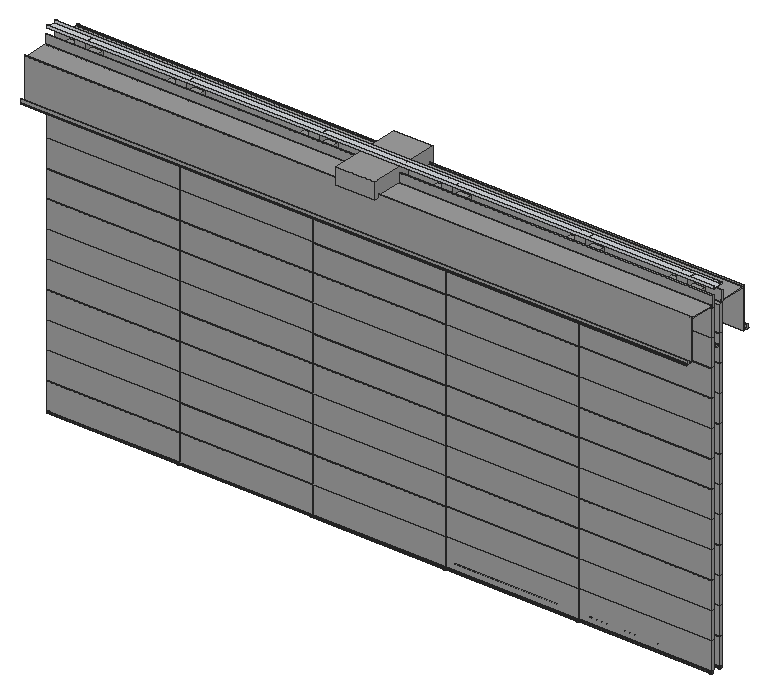
Revit family "Partition-12_Panels_High-Skyfold_Classic_Compact-22-1_to_24-2_FC_6730_to_7365", category Generic Models, host Ceiling, Revit 2026
Family settings
  Host = Ceiling
  Can host rebar = No
  Round Connector Dimension = Use Diameter
  Part Type = Normal
  Always vertical = Yes
  Cut with Voids When Loaded = No
  Maintain Annotation Orientation = No
  Shared = No
  Room Calculation Point = No
Parameters (values of type "24'- 0"")
  Visibility Of Unfold Single Panel [instance] = and(not(Fold), Number Of  Panels < 2)  # no
  Visibility Of Fold Single Panel [instance] = and(Fold, Number Of  Panels < 2)  # no
  Visibility Of Fold Panels [instance] = and(Fold, Number Of  Panels > 1)  # no
  URL = "http://www.skyfold.com/"
  Total Panel Height = ([Panel Height"F"] * 12) + 0' 6"  # 26' - 10 1/2"
  Pocket Material [instance] = Default
  Panel Array [instance] = if(Number Of  Panels < 3, 2, Number Of  Panels)  # 5
  Panel 9 Material [instance] = Default
  Panel 8 Material [instance] = Default
  Panel 7 Material [instance] = Default
  Panel 6 Material [instance] = Default
  Panel 5 Material [instance] = Default
  Panel 4 Material [instance] = Default
  Panel 3 Material [instance] = Default
  Panel 2 Material [instance] = Default
  Panel 12 Material [instance] = Default
  Panel 11 Material [instance] = Default
  Panel 10 Material [instance] = Default
  Model = "Compact Drive System"
  Manufacturer = "Skyfold"
  Description = "Custom Powerlift Partitions"
  Default Elevation = 0' - 0"
  Center Pantograph Visibility [instance] = Number Of  Panels > 2  # yes
  Visibility Of Single Pantograph [instance] = and(Number Of  Panels = 2, Total Wall Length > 16' 0")  # no
  Total Wall Length [instance] = 55' - 0"
  Wall Thickness = 0' - 11 3/4"  # constant formula
  Unfold [instance] = and(not(Fold), Number Of  Panels > 1)  # yes
  Pocket Width"E" = 5' - 3 1/2"
  Pocket Depth"D" = 3' - 1 1/2"
  Panel Length [instance] = (Total Wall Length - 0' 2" - (Number Of  Panels - 1) * 0' 0 1/2") / Number Of  Panels  # 10' - 11.2"
  Panel Height"F" = 2' - 2 3/8"
  Offset From Ceiling [instance] = 0' - 0"
  Center Pantographs [instance] = if(Number Of  Panels < 3, 2, Number Of  Panels - 1)  # 4
  Number Of  Panels [instance] = (Total Wall Length / Max Panel Length) + 0.499  # 5
  Motor Positionning [instance] = if(or(Number Of  Panels = 1, Total Wall Length < 16' 0", Number Of  Panels = 3, Number Of  Panels = 5, Number Of  Panels = 7, Number Of  Panels = 9, Number Of  Panels = 11), (Total Wall Length / 2), (Total Wall Length / 2) - (Panel Length / 2))  # 27' - 6"
  Max Wall Length [instance] = 100' - 0"  # constant formula
  Max Panel Length [instance] = 12' - 0"  # constant formula
  Height Between Panels [instance] = [Panel Height"F"] + 0' 0 1/2"  # 2' - 2 7/8"
  Fold [instance] = no
  Distance From Acoustic Barrier = 0' - 2"  # constant formula
  Distance Between Panels [instance] = Panel Length + 0' 0 1/2"  # 10' - 11.7"
  Finished Ceiling"A" = 24' - 0"
  Panel 1 Material [instance] = Default
  Top Of Acoustic Barrier [instance] = 28' - 0"
  Assembly Code = ""
  Beam Height"B" = 28' - 5"
  Acoustic Barrier"C" = 27' - 1 1/2"
Reference planes (in)
  plane 1 "Center (Front/Back)": y = 0
  plane 2 "Ceiling": z = 96
  plane 3 "Center (Left/Right)": x = 0
  plane 4: y = -31.75
  plane 5: y = 31.75
  plane 6: y = -5.875
  plane 7: y = 5.875
  plane 8: x = 660
  plane 9: x = 1
  plane 10: x = 132.7
  plane 11: z = 95.96875
  plane 12: z = 133.46875
  plane 13: z = -192.03125
  plane 14 "Beam height": z = 148.96875
  plane 15: x = 330
  plane 16 "BOAB": z = 131.46875
  plane 17: z = 95.96875
Lines and regions (in)
  Opening 1
    outline origin (0, 3.93322, 96) x (1, 0, 0) y (0, 1, 0)
      loop
        line (0, 33.06678) -> (0, -40.93322) -> (660, -40.93322) -> (660, 33.06678) -> (0, 33.06678)
Dimensions and locks (in)
  equal spacing: host sketch curve, plane 3 "Center (Left/Right)", host sketch curve
  equal spacing: host sketch curve, plane 1 "Center (Front/Back)", host sketch curve
  host sketch curve to host sketch curve = 10' - 0"  (x2)
  plane 2 "Ceiling" to level = 7' - 0"
  equal spacing: plane 4, plane 1 "Center (Front/Back)", plane 5
  "Pocket Width"E"": plane 4 to plane 5
  equal spacing: plane 6, plane 1 "Center (Front/Back)", plane 7
  "Wall Thickness": plane 6 to plane 7
  "Total Wall Length": plane 8 to plane 3 "Center (Left/Right)"
  locked: plane 9 to plane 3 "Center (Left/Right)" at 1
  "Distance Between Panels": plane 10 to plane 9
  locked: plane 2 "Ceiling" to plane 11 at 0.03125
  equal spacing: group 1, group 2, group 7, group 8, group 9  (x3)
  equal spacing: group 3, group 4, group 10, group 11, group 12  (x3)
  "Finished Ceiling"A"": plane 11 to plane 13
  "Beam Height"B"": plane 14 "Beam height" to plane 13
  locked: nested 8 to plane 3 "Center (Left/Right)" at 32
  locked: plane 8 to nested 9 at 32
  locked: nested 5 to nested 10 at 0.25
  equal spacing: group 5, group 6, group 13, group 14  (x3)
  "Distance Between Panels": nested 11 to nested 10
  locked: plane 10 to nested 12 at 0.25
  "Motor Positionning": plane 15 to plane 3 "Center (Left/Right)"
  locked: plane 12 to plane 16 "BOAB" at 2
  "Offset From Ceiling": plane 11 to plane 17
  "Pocket Depth"D"": plane 12 to plane 17
  aligned and locked: nested 1 to Opening 1 sketch curve
  aligned and locked: Opening 1 sketch curve to plane 8
  aligned and locked: plane 2 "Ceiling" to host ceiling
  aligned and locked: nested 2 to plane 1 "Center (Front/Back)"
  aligned and locked: nested 2 to plane 9
  aligned and locked: Opening 1 sketch curve to nested 1  (x2)
  aligned and locked: nested 1 to plane 3 "Center (Left/Right)"
  aligned and locked: nested 4 to plane 10
  aligned and locked: plane 10 to nested 5
  aligned and locked: plane 8 to nested 6
  aligned and locked: plane 3 "Center (Left/Right)" to nested 6
  aligned and locked: nested 13 to plane 1 "Center (Front/Back)"
  aligned and locked: plane 14 "Beam height" to nested 6
  aligned and locked: nested 6 to nested 1
  aligned and locked: plane 14 "Beam height" to nested 8
  aligned and locked: plane 14 "Beam height" to nested 12
  aligned and locked: plane 14 "Beam height" to nested 10
  aligned and locked: nested 11 to plane 14 "Beam height"
  aligned and locked: nested 9 to plane 14 "Beam height"
  aligned and locked: nested 14 to plane 1 "Center (Front/Back)"
  aligned and locked: nested 15 to nested 14
  aligned and locked: plane 9 to nested 15
  aligned and locked: nested 16 to nested 14
  aligned and locked: nested 16 to plane 9
  aligned and locked: plane 14 "Beam height" to nested 7
  aligned and locked: plane 15 to nested 7
  aligned and locked: nested 13 to plane 17
  aligned and locked: nested 15 to plane 17
  aligned and locked: nested 3 to plane 17
  aligned and locked: nested 5 to plane 17
  aligned and locked: plane 17 to nested 1
  aligned and locked: nested 16 to plane 16 "BOAB"
  aligned and locked: nested 2 to plane 16 "BOAB"
  aligned and locked: nested 4 to plane 16 "BOAB"
  aligned and locked: nested 14 to plane 16 "BOAB"
Nested families (in)
  nested 1: "Pocket" at (0, -10.75, 97.27344), Acoustic_Barrier"C" <- "Acoustic Barrier"C"", Total_Wall_Length <- "Total Wall Length", T.O. Acoustic_Barrier <- "Top Of Acoustic Barrier", Beam_Height <- "Beam Height"B"", Pocket Material <- "Pocket Material", type "Pocket"
    with Total_Wall_Length 55' - 0", T.O. Acoustic_Barrier 28' - 0", Pocket Material Default, Motor_Length 2' - 10", Motor_Height 0' - 11 1/2", Beam_Height 28' - 5", Acoustic_Barrier"C" 27' - 1 1/2", Pocket_Width"E" 5' - 3 1/2", Pocket_Depth"D" 3' - 1 1/2", Finished_Ceiling"A" 24' - 0"
  nested 2: "Groupe_5 panneaux" at (1, 0, -101.86836), panel_length <- "Panel Length", Panel_Material <- "Panel 1 Material", visible <- "Unfold", Total_Panel-Height <- "Total Panel Height", Panel 10 material <- "Panel 10 Material", Panel 11 material <- "Panel 11 Material", Panel 12 material <- "Panel 12 Material", Panel 2 material <- "Panel 2 Material", Panel 3 material <- "Panel 3 Material", Panel 4 material <- "Panel 4 Material", Panel 5 material <- "Panel 5 Material", Panel 6 material <- "Panel 6 Material", Panel 7 material <- "Panel 7 Material", Panel 8 material <- "Panel 8 Material", Panel 9 material <- "Panel 9 Material", type "Groupe_5 panneaux"
    with panel_length 10' - 11.2", Total_Panel-Height 26' - 10 1/2", Panel_Material Default, Panel 9 material Default, Panel 8 material Default, Panel 7 material Default, Panel 6 material Default, Panel 5 material Default, Panel 4 material Default, Panel 3 material Default, Panel 2 material Default, Panel 12 material Default, Panel 11 material Default, Panel 10 material Default
  nested 3: "Panneau_hor" at (1, 12.57079, 83.96875), panel_length <- "Panel Length", panel_height <- "Panel Height"F"", visible <- "Visibility Of Fold Panels", Panel_Material <- "Panel 12 Material", type "Panneau_hor"
    with panel_length 10' - 11.2", panel_height 2' - 2 3/8", Panel_Material Default
  nested 4: "Groupe_5 panneaux" at (132.7, 0, -101.86836), panel_length <- "Panel Length", Panel_Material <- "Panel 1 Material", visible <- "Unfold", Total_Panel-Height <- "Total Panel Height", Panel 10 material <- "Panel 10 Material", Panel 11 material <- "Panel 11 Material", Panel 12 material <- "Panel 12 Material", Panel 2 material <- "Panel 2 Material", Panel 3 material <- "Panel 3 Material", Panel 4 material <- "Panel 4 Material", Panel 5 material <- "Panel 5 Material", Panel 6 material <- "Panel 6 Material", Panel 7 material <- "Panel 7 Material", Panel 8 material <- "Panel 8 Material", Panel 9 material <- "Panel 9 Material", type "Groupe_5 panneaux"
    with panel_length 10' - 11.2", Total_Panel-Height 26' - 10 1/2", Panel_Material Default, Panel 9 material Default, Panel 8 material Default, Panel 7 material Default, Panel 6 material Default, Panel 5 material Default, Panel 4 material Default, Panel 3 material Default, Panel 2 material Default, Panel 12 material Default, Panel 11 material Default, Panel 10 material Default
  nested 5: "Panneau_hor" at (132.7, 12.57079, 83.96875), panel_length <- "Panel Length", panel_height <- "Panel Height"F"", visible <- "Visibility Of Fold Panels", Panel_Material <- "Panel 12 Material", type "Panneau_hor"
    with panel_length 10' - 11.2", panel_height 2' - 2 3/8", Panel_Material Default
  nested 6: "Beam" at (0, -10.75, 130.27344), type "Pocket"
    with Total_Wall_Length 55' - 0"
  nested 7: "Motor" at (311, -23, 132.96875), type "LCCD"
  nested 8: "Pantograph" at (54.25, -4, 136.6875) x (0, 1, 0) z (0, 0, 1), type "Pantograph"
  nested 9: "Pantograph" at (650.25, -4, 136.6875) x (0, 1, 0) z (0, 0, 1), type "Pantograph"
  nested 10: "Pantograph" at (154.7, -4, 136.6875) x (0, 1, 0) z (0, 0, 1), visible <- "Center Pantograph Visibility", type "Pantograph"
  nested 11: "Pantograph" at (286.4, -4, 136.6875) x (0, 1, 0) z (0, 0, 1), visible <- "Center Pantograph Visibility", type "Pantograph"
  nested 12: "Pantograph" at (154.7, -4, 136.6875) x (0, 1, 0) z (0, 0, 1), visible <- "Visibility Of Single Pantograph", type "Pantograph"
  nested 13: "2D Fold Panels" at (1, 2.48811, 95.96875) x (0, 1, 0) z (1, 0, 0), visible <- "Fold", Panel_Height <- "Panel Height"F"", type "Complete Panels"
    with Panel_Height 2' - 2 3/8"
  nested 14: "2D Unfold Panels" at (1, -0.41811, 40.57813) x (0, 1, 0) z (1, 0, 0), visible <- "Unfold", type "Unfold panels"
  nested 15: "Panneau_hor" at (1, 12.57079, 83.96875), panel_length <- "Panel Length", panel_height <- "Panel Height"F"", Panel_Material <- "Panel 1 Material", visible <- "Visibility Of Fold Single Panel", type "Panneau_hor"
    with panel_length 10' - 11.2", panel_height 2' - 2 3/8", Panel_Material Default
  nested 16: "Groupe_5 panneaux" at (1, 0, -101.86836), Panel_Material <- "Panel 1 Material", panel_length <- "Panel Length", visible <- "Visibility Of Unfold Single Panel", Total_Panel-Height <- "Total Panel Height", type "Groupe_5 panneaux"
    with panel_length 10' - 11.2", Total_Panel-Height 26' - 10 1/2", Panel_Material Default, Panel 9 material none, Panel 8 material none, Panel 7 material none, Panel 6 material none, Panel 5 material none, Panel 4 material none, Panel 3 material none, Panel 2 material none, Panel 12 material none, Panel 11 material none, Panel 10 material none
  nested 17: "Groupe_5 panneaux" at (264.4, 0, -101.86836), panel_length <- "Panel Length", Panel_Material <- "Panel 1 Material", visible <- "Unfold", Total_Panel-Height <- "Total Panel Height", Panel 10 material <- "Panel 10 Material", Panel 11 material <- "Panel 11 Material", Panel 12 material <- "Panel 12 Material", Panel 2 material <- "Panel 2 Material", Panel 3 material <- "Panel 3 Material", Panel 4 material <- "Panel 4 Material", Panel 5 material <- "Panel 5 Material", Panel 6 material <- "Panel 6 Material", Panel 7 material <- "Panel 7 Material", Panel 8 material <- "Panel 8 Material", Panel 9 material <- "Panel 9 Material", type "Groupe_5 panneaux"
    with panel_length 10' - 11.2", Total_Panel-Height 26' - 10 1/2", Panel_Material Default, Panel 9 material Default, Panel 8 material Default, Panel 7 material Default, Panel 6 material Default, Panel 5 material Default, Panel 4 material Default, Panel 3 material Default, Panel 2 material Default, Panel 12 material Default, Panel 11 material Default, Panel 10 material Default
  nested 18: "Groupe_5 panneaux" at (396.1, 0, -101.86836), panel_length <- "Panel Length", Panel_Material <- "Panel 1 Material", visible <- "Unfold", Total_Panel-Height <- "Total Panel Height", Panel 10 material <- "Panel 10 Material", Panel 11 material <- "Panel 11 Material", Panel 12 material <- "Panel 12 Material", Panel 2 material <- "Panel 2 Material", Panel 3 material <- "Panel 3 Material", Panel 4 material <- "Panel 4 Material", Panel 5 material <- "Panel 5 Material", Panel 6 material <- "Panel 6 Material", Panel 7 material <- "Panel 7 Material", Panel 8 material <- "Panel 8 Material", Panel 9 material <- "Panel 9 Material", type "Groupe_5 panneaux"
    with panel_length 10' - 11.2", Total_Panel-Height 26' - 10 1/2", Panel_Material Default, Panel 9 material Default, Panel 8 material Default, Panel 7 material Default, Panel 6 material Default, Panel 5 material Default, Panel 4 material Default, Panel 3 material Default, Panel 2 material Default, Panel 12 material Default, Panel 11 material Default, Panel 10 material Default
  nested 19: "Groupe_5 panneaux" at (527.8, 0, -101.86836), panel_length <- "Panel Length", Panel_Material <- "Panel 1 Material", visible <- "Unfold", Total_Panel-Height <- "Total Panel Height", Panel 10 material <- "Panel 10 Material", Panel 11 material <- "Panel 11 Material", Panel 12 material <- "Panel 12 Material", Panel 2 material <- "Panel 2 Material", Panel 3 material <- "Panel 3 Material", Panel 4 material <- "Panel 4 Material", Panel 5 material <- "Panel 5 Material", Panel 6 material <- "Panel 6 Material", Panel 7 material <- "Panel 7 Material", Panel 8 material <- "Panel 8 Material", Panel 9 material <- "Panel 9 Material", type "Groupe_5 panneaux"
    with panel_length 10' - 11.2", Total_Panel-Height 26' - 10 1/2", Panel_Material Default, Panel 9 material Default, Panel 8 material Default, Panel 7 material Default, Panel 6 material Default, Panel 5 material Default, Panel 4 material Default, Panel 3 material Default, Panel 2 material Default, Panel 12 material Default, Panel 11 material Default, Panel 10 material Default
  nested 20: "Panneau_hor" at (264.4, 12.57079, 83.96875), panel_length <- "Panel Length", panel_height <- "Panel Height"F"", visible <- "Visibility Of Fold Panels", Panel_Material <- "Panel 12 Material", type "Panneau_hor"
    with panel_length 10' - 11.2", panel_height 2' - 2 3/8", Panel_Material Default
  nested 21: "Panneau_hor" at (396.1, 12.57079, 83.96875), panel_length <- "Panel Length", panel_height <- "Panel Height"F"", visible <- "Visibility Of Fold Panels", Panel_Material <- "Panel 12 Material", type "Panneau_hor"
    with panel_length 10' - 11.2", panel_height 2' - 2 3/8", Panel_Material Default
  nested 22: "Panneau_hor" at (527.8, 12.57079, 83.96875), panel_length <- "Panel Length", panel_height <- "Panel Height"F"", visible <- "Visibility Of Fold Panels", Panel_Material <- "Panel 12 Material", type "Panneau_hor"
    with panel_length 10' - 11.2", panel_height 2' - 2 3/8", Panel_Material Default
  nested 23: "Pantograph" at (418.1, -4, 136.6875) x (0, 1, 0) z (0, 0, 1), visible <- "Center Pantograph Visibility", type "Pantograph"
  nested 24: "Pantograph" at (549.8, -4, 136.6875) x (0, 1, 0) z (0, 0, 1), visible <- "Center Pantograph Visibility", type "Pantograph"
Definition of nested family "Pocket"
  Parameters
    Total_Wall_Length [instance] = 35' - 0"
    T.O. Acoustic_Barrier [instance] = 28' - 0"
    Pocket_Width"E" = 4' - 9"
    Pocket_Depth"D" = 3' - 1"
    Pocket Material [instance] = none
    Motor_Length [instance] = 2' - 6 29/128"
    Motor_Height [instance] = 1' - 3"
    Finished_Ceiling"A" = 20' - 9"
    Default Elevation = 0' - 0"
    Assembly Code = ""
    Beam_Height [instance] = 10' - 0"
    Acoustic_Barrier"C" [instance] = 1' - 7 5/8"
  Reference planes (in)
    plane 1 "Center (Front/Back)": y = 10.75
    plane 2: z = 35.69531
    plane 3 "Center (Left/Right)": x = 0
    plane 4: z = -1.30469
    plane 5: y = -17.75
    plane 6: y = 39.25
    plane 7: y = -23
    plane 8: y = 44.5
    plane 9: z = 2.32031
    plane 10: y = 4.75
    plane 11: y = 16.75
    plane 12: x = 420
    plane 13: z = -100.30469
    plane 14: z = 71.18777
    plane 15: z = 85.69531
    plane 16: z = -250.30469
    plane 17: x = 12.89513
    plane 18: x = 203.52734
    plane 19: z = -130.30469
    plane 20: z = 36.69531
  Forms (in)
    Extrusion 1, solid, material <- "Pocket Material"
      sketch origin (0, 0, 0) x (0, 1, 0) y (0, 0, 1)
        loop
          line (-23, 2.32031) -> (-23, -1.30469) -> (-17.75, -1.30469) -> (-17.75, 38.69531) -> (-18.375, 38.69531) -> (-18.375, -0.67969) -> (-22.375, -0.67969) -> (-22.375, 2.32031) -> (-23, 2.32031)
        loop
          line (-17.53125, 36.69531) -> (4.53125, 36.69531) -> (4.53125, 37.32031) -> (-17.53125, 37.32031) -> (-17.53125, 36.69531)
      from 0 to 420
    Extrusion 2, solid, material <- "Pocket Material"
      sketch origin (0, 0, 0) x (0, 1, 0) y (0, 0, 1)
        loop
          line (9.75, -1.30469) -> (11.75, -1.30469) -> (11.75, -1.05469) -> (10.875, -1.05469) -> (10.875, 0.69531) -> (10.625, 0.69531) -> (10.625, -1.05469) -> (9.75, -1.05469) -> (9.75, -1.30469)
      from 0 to 420
    Extrusion 3, solid, material <- "Pocket Material"
      sketch origin (0, 0, 0) x (0, 1, 0) y (0, 0, 1)
        loop
          line (4.75, 35.69531) -> (5.75, 35.69531) -> (5.75, 85.69531) -> (4.75, 85.69531) -> (4.75, 35.69531)
      from 0 to 420
    Extrusion 4, solid, material <- "Pocket Material"
      sketch origin (0, 21.5, 0) x (0, -1, 0) y (0, 0, -1)
        loop
          line (4.75, -35.69531) -> (4.75, -85.69531) -> (5.75, -85.69531) -> (5.75, -35.69531) -> (4.75, -35.69531)
      from 0 to 420
    Extrusion 5, solid, material <- "Pocket Material"
      sketch origin (420, 0, 0.01562) x (0, 1, 0) y (0, 0, 1)
        loop
          line (-17.75, 37.38281) -> (-17.75, 36.58594) -> (-17, 36.58594) -> (-17, 36.67969) -> (-17.65625, 36.67969) -> (-17.65625, 37.38281) -> (-17.75, 37.38281)
      from -420 to 0
    Extrusion 6, solid, material <- "Pocket Material"
      sketch origin (420, -21.98359, 0.03125) x (0, -1, 0) y (0, 0, -1)
        loop
          line (-26.73359, -37.36719) -> (-26.63984, -37.36719) -> (-26.63984, -36.66406) -> (-25.98359, -36.66406) -> (-25.98359, -36.57031) -> (-26.73359, -36.57031) -> (-26.73359, -37.36719)
      from -420 to 0
    Extrusion 7, solid, material <- "Pocket Material"
      sketch origin (420, -57.55768, -19.35805) x (0, -1, 0) y (0, 0, -1)
        loop
          line (-34.55768, -18.75649) -> (-34.46393, -18.75649) -> (-34.46393, -18.05336) -> (-33.80768, -18.05336) -> (-33.80768, -17.95961) -> (-34.55768, -17.95961) -> (-34.55768, -18.75649)
      from -420 to 0
    Extrusion 8, solid, material <- "Pocket Material"
      sketch origin (0, 21.5, 0.125) x (0, -1, 0) y (0, 0, -1)
        loop
          line (-23, -2.32031) -> (-22.375, -2.32031) -> (-22.375, 0.67969) -> (-18.375, 0.67969) -> (-18.375, -38.57031) -> (-17.75, -38.57031) -> (-17.75, 1.30469) -> (-23, 1.30469) -> (-23, -2.32031)
        loop
          line (-17.53125, -36.57031) -> (-17.53125, -37.19531) -> (4.53125, -37.19531) -> (4.53125, -36.57031) -> (-17.53125, -36.57031)
      from 0 to 420
    Extrusion 9, solid, material <- "Pocket Material"
      sketch origin (420, 21.5, 0) x (0, -1, 0) y (0, 0, -1)
        loop
          line (-17.75, -37.39844) -> (-17.65625, -37.39844) -> (-17.65625, -36.69531) -> (-17, -36.69531) -> (-17, -36.60156) -> (-17.75, -36.60156) -> (-17.75, -37.39844)
      from -420 to 0
    Extrusion 10, solid, material <- "Pocket Material"
      sketch origin (420, 43.48359, 0) x (0, 1, 0) y (0, 0, 1)
        loop
          line (-26.73359, 37.39844) -> (-26.73359, 36.60156) -> (-25.98359, 36.60156) -> (-25.98359, 36.69531) -> (-26.63984, 36.69531) -> (-26.63984, 37.39844) -> (-26.73359, 37.39844)
      from -420 to 0
    Extrusion 11, solid, material <- "Pocket Material"
      sketch origin (420, 79.05768, -19.35805) x (0, 1, 0) y (0, 0, 1)
        loop
          line (-34.55768, 18.75649) -> (-34.55768, 17.95961) -> (-33.80768, 17.95961) -> (-33.80768, 18.05336) -> (-34.46393, 18.05336) -> (-34.46393, 18.75649) -> (-34.55768, 18.75649)
      from -420 to 0
  Lines and regions (in)
    symbolic lines
      curve 1: line (420, -22.375, -0.67969) -> (420, -18.375, -0.67969)
      curve 2: line (420, -22.375, 85.69531) -> (420, -22.375, -0.67969)
      curve 3: line (420, -18.375, 85.69531) -> (420, -22.375, 85.69531)
      curve 4: line (420, -18.375, -0.67969) -> (420, -18.375, 85.69531)
      curve 5: line (420, 43.875, -0.55469) -> (420, 39.875, -0.55469)
      curve 6: line (420, 43.875, 85.69531) -> (420, 43.875, -0.55469)
      curve 7: line (420, 39.875, 85.69531) -> (420, 43.875, 85.69531)
      curve 8: line (420, 39.875, -0.55469) -> (420, 39.875, 85.69531)
      curve 9: line (420, 4.75, 67.94531) -> (420, 1.75, 67.94531)
      curve 10: line (420, 4.75, 40.32031) -> (420, 4.75, 67.94531)
      curve 11: line (420, 1.75, 40.32031) -> (420, 4.75, 40.32031)
      curve 12: line (420, 1.75, 67.94531) -> (420, 1.75, 40.32031)
      curve 13: line (420, -18.375, 60.19531) -> (420, 1.75, 60.19531)
      curve 14: line (420, 1.75, 57.19531) -> (420, -18.375, 57.19531)
      curve 15: line (420, 16.75, 67.94531) -> (420, 19.75, 67.94531)
      curve 16: line (420, 16.75, 40.32031) -> (420, 16.75, 67.94531)
      curve 17: line (420, 19.75, 40.32031) -> (420, 16.75, 40.32031)
      curve 18: line (420, 19.75, 67.94531) -> (420, 19.75, 40.32031)
      curve 19: line (420, 39.875, 60.19531) -> (420, 19.75, 60.19531)
      curve 20: line (420, 19.75, 57.19531) -> (420, 39.875, 57.19531)
      curve 21: line (0, 5.25, 35.69531) -> (0, 5.25, 85.69531)
      curve 22: line (0, 16.25, 85.69531) -> (0, 16.25, 35.69531)
  Dimensions and locks (in)
    locked: plane 7 to plane 5 at 5.25
    locked: plane 9 to plane 4 at 3.625
    locked: plane 6 to plane 8 at 5.25
    plane 10 to plane 1 "Center (Front/Back)" = 0' - 6"
    plane 10 to plane 11 = 1' - 0"
    "Pocket_Width"E"": plane 5 to plane 6
    equal spacing: plane 5, plane 1 "Center (Front/Back)", plane 6
    "Finished_Ceiling"A"": plane 4 to level
    locked: plane 7 to Extrusion 1 sketch curve at 0.625
    locked: Extrusion 1 sketch curve to plane 4 at 0.625
    locked: Extrusion 1 sketch curve to Extrusion 1 sketch curve at 0.625  (x2)
    "Total_Wall_Length": plane 12 to plane 3 "Center (Left/Right)"
    equal spacing: Extrusion 2 sketch curve, plane 1 "Center (Front/Back)", Extrusion 2 sketch curve  (x2)
    locked: Extrusion 2 sketch curve to plane 4 at 2
    locked: Extrusion 2 sketch curve to plane 4 at 0.25
    locked: Extrusion 2 sketch curve to plane 1 "Center (Front/Back)" at 0.125
    locked: Extrusion 1 sketch curve to Extrusion 1 sketch curve at 0.21875
    locked: plane 10 to Extrusion 3 sketch curve at 1
    "Pocket_Depth"D"": plane 2 to plane 4
    locked: plane 13 to plane 16 at 150
    "T.O. Acoustic_Barrier": plane 15 to plane 16
    locked: plane 18 to plane 3 "Center (Left/Right)" at 203.52734
    "Beam_Height": plane 19 to plane 16
    plane 4 to plane 16 = 20' - 9"
    Extrusion 1 to Extrusion 1 to plane 5 = 0' - 0 5/8", 0' - 0"
    locked: Extrusion 1 sketch curve to Extrusion 1 sketch curve at 1.375
    locked: Extrusion 1 sketch curve to plane 10 at 0.21875
    locked: Extrusion 5 sketch curve to Extrusion 5 sketch curve at 0.09375  (x2)
    locked: Extrusion 5 sketch curve to Extrusion 5 sketch curve at 0.79688
    locked: Extrusion 5 sketch curve to Extrusion 5 sketch curve at 0.75
    locked: Extrusion 6 sketch curve to Extrusion 6 sketch curve at 0.09375  (x2)
    locked: Extrusion 6 sketch curve to Extrusion 6 sketch curve at 0.79688
    locked: Extrusion 6 sketch curve to Extrusion 6 sketch curve at 0.75
    locked: Extrusion 7 sketch curve to Extrusion 7 sketch curve at 0.09375  (x2)
    locked: Extrusion 7 sketch curve to Extrusion 7 sketch curve at 0.79688
    locked: Extrusion 7 sketch curve to Extrusion 7 sketch curve at 0.75
    locked: Extrusion 8 sketch curve to Extrusion 8 sketch curve at 0.625
    Extrusion 8 sketch curve to Extrusion 8 sketch curve = 0' - 0 5/8"
    locked: Extrusion 8 sketch curve to Extrusion 8 sketch curve at 0.21875
    Extrusion 8 sketch curve to Extrusion 8 sketch curve = 0' - 1 3/8"
    locked: Extrusion 9 sketch curve to Extrusion 9 sketch curve at 0.09375  (x2)
    locked: Extrusion 9 sketch curve to Extrusion 9 sketch curve at 0.79688
    locked: Extrusion 9 sketch curve to Extrusion 9 sketch curve at 0.75
    locked: Extrusion 10 sketch curve to Extrusion 10 sketch curve at 0.09375  (x2)
    locked: Extrusion 10 sketch curve to Extrusion 10 sketch curve at 0.79688
    locked: Extrusion 10 sketch curve to Extrusion 10 sketch curve at 0.75
    locked: Extrusion 11 sketch curve to Extrusion 11 sketch curve at 0.09375  (x2)
    locked: Extrusion 11 sketch curve to Extrusion 11 sketch curve at 0.79688
    locked: Extrusion 11 sketch curve to Extrusion 11 sketch curve at 0.75
    locked: curve 12 to plane 10 at 3
    curve 11 to Extrusion 1 = 0' - 3"
    locked: curve 11 to curve 9 at 27.625
    locked: curve 14 to curve 13 at 3
    locked: curve 11 to curve 14 at 16.875
    locked: curve 17 to curve 15 at 27.625
    locked: curve 20 to curve 19 at 3
    locked: curve 17 to curve 20 at 16.875
    locked: plane 20 to plane 2 at 1
    aligned and locked: plane 12 to Extrusion 1
    aligned and locked: Extrusion 2 sketch curve to Extrusion 2 sketch curve
    aligned and locked: Extrusion 2 to plane 3 "Center (Left/Right)"
    aligned and locked: plane 12 to Extrusion 2
    aligned and locked: Extrusion 3 sketch curve to plane 2
    aligned and locked: Extrusion 3 sketch curve to plane 10
    aligned and locked: plane 15 to Extrusion 4
    aligned and locked: plane 15 to Extrusion 3
    aligned and locked: plane 12 to Extrusion 3
    aligned and locked: plane 12 to Extrusion 4
    aligned and locked: plane 16 to level
    aligned and locked: curve 1 to Extrusion 1  (x2)
    aligned and locked: curve 4 to Extrusion 1
    aligned and locked: curve 7 to plane 15
    aligned and locked: Extrusion 5 to plane 5
    aligned: plane 2 to Extrusion 5
    aligned and locked: plane 10 to Extrusion 6
    aligned: plane 2 to Extrusion 6
    aligned and locked: plane 7 to Extrusion 7
    aligned and locked: plane 4 to Extrusion 7
    aligned and locked: plane 6 to Extrusion 9
    aligned and locked: plane 4 to Extrusion 11
    aligned and locked: Extrusion 11 to plane 8
    aligned and locked: plane 12 to Extrusion 5
    aligned and locked: plane 12 to Extrusion 6
    aligned and locked: Extrusion 10 to plane 3 "Center (Left/Right)"
    aligned and locked: Extrusion 6 to plane 3 "Center (Left/Right)"
    aligned and locked: Extrusion 5 to plane 3 "Center (Left/Right)"
    aligned and locked: plane 12 to Extrusion 10
    aligned and locked: plane 12 to Extrusion 9
    aligned and locked: Extrusion 9 to plane 3 "Center (Left/Right)"
    aligned and locked: plane 12 to Extrusion 7
    aligned and locked: plane 12 to Extrusion 11
    aligned and locked: Extrusion 7 to plane 3 "Center (Left/Right)"
    aligned and locked: Extrusion 11 to plane 3 "Center (Left/Right)"
    aligned and locked: Extrusion 8 to curve 8
    aligned and locked: curve 6 to Extrusion 8
    aligned and locked: curve 5 to Extrusion 8
    aligned and locked: plane 12 to Extrusion 8
    aligned and locked: Extrusion 1 to plane 3 "Center (Left/Right)"
    aligned and locked: Extrusion 8 to plane 3 "Center (Left/Right)"
    aligned and locked: Extrusion 3 to curve 9
    aligned and locked: curve 9 to curve 15
    aligned and locked: Extrusion 1 sketch curve to plane 20
    aligned and locked: Extrusion 5 to Extrusion 1
    aligned and locked: Extrusion 6 to Extrusion 1
    aligned and locked: Extrusion 8 to Extrusion 1  (x2)
    aligned and locked: Extrusion 1 to Extrusion 8
    aligned and locked: Extrusion 10 to Extrusion 8
    aligned and locked: Extrusion 9 to Extrusion 8
  Automatic sketch dimensions
    Extrusion 1 sketch curve to plane 4 = 0' - 0"
    Extrusion 1 sketch curve to plane 7 = 0' - 0"
    Extrusion 1 sketch curve to plane 5 = 0' - 0"
    Extrusion 1 sketch curve to plane 9 = 0' - 0"
    Extrusion 2 sketch curve to plane 4 = 0' - 0"
    Extrusion 2 sketch curve to Extrusion 2 sketch curve = 0' - 0 7/8"
    Extrusion 3 sketch curve to plane 15 = 0' - 0"
    Extrusion 4 sketch curve to plane 11 = 0' - 0"
    Extrusion 4 sketch curve to plane 15 = 0' - 0"
    Extrusion 4 sketch curve to plane 2 = 0' - 0"
    plane 11 to Extrusion 4 sketch curve = 0' - 1"
    curve 4 to Extrusion 3 = 0' - 0"
    curve 16 to curve 18 = 0' - 3"
    Extrusion 5 sketch curve to Extrusion 3 = 0' - 1"
    Extrusion 3 to Extrusion 5 sketch curve = 1' - 10 1/2"
    Extrusion 6 sketch curve to Extrusion 3 = 0' - 0"
    Extrusion 6 sketch curve to Extrusion 3 = 0' - 1"
    Extrusion 3 to Extrusion 7 sketch curve = 2' - 3 3/4"
    Extrusion 3 to Extrusion 7 sketch curve = 3' - 0 19/64"
    Extrusion 8 sketch curve to plane 4 = 0' - 0 1/8"
    Extrusion 8 sketch curve to plane 8 = 0' - 0"
    Extrusion 8 sketch curve to plane 9 = 0' - 0 1/8"
    Extrusion 8 sketch curve to plane 6 = 0' - 0"
    Extrusion 8 sketch curve to plane 2 = 0' - 1"
    plane 8 to Extrusion 8 sketch curve = 0' - 0 5/8"
    Extrusion 8 sketch curve to plane 11 = 0' - 0 7/32"
    Extrusion 8 sketch curve to plane 4 = 0' - 0 3/4"
    Extrusion 9 sketch curve to Extrusion 3 = 0' - 1"
    Extrusion 3 to Extrusion 9 sketch curve = 2' - 9 1/2"
    Extrusion 10 sketch curve to Extrusion 3 = 0' - 1"
    Extrusion 3 to Extrusion 10 sketch curve = 0' - 11"
    Extrusion 3 to Extrusion 11 sketch curve = 3' - 2 3/4"
    Extrusion 3 to Extrusion 11 sketch curve = 3' - 1 3/32"
    Extrusion 3 to curve 16 = 0' - 11"
    curve 21 to plane 15 = 0' - 0"
    curve 21 to plane 2 = 0' - 0"
    curve 22 to plane 2 = 0' - 0"
    curve 22 to plane 15 = 0' - 0"
    plane 10 to curve 21 = 0' - 0 1/2"
    curve 22 to plane 11 = 0' - 0 1/2"
Definition of nested family "Groupe_5 panneaux"
  Parameters
    panel_length [instance] = 3' - 0"
    panel_height = 2' - 2 3/8"
    folded_width = 0' - 11 3/4"
    Total_Panel-Height [instance] = 9' - 2 3/4"
    Panel_Material [instance] = none
    Panel 9 material [instance] = none
    Panel 8 material [instance] = none
    Panel 7 material [instance] = none
    Panel 6 material [instance] = none
    Panel 5 material [instance] = none
    Panel 4 material [instance] = none
    Panel 3 material [instance] = none
    Panel 2 material [instance] = none
    Panel 12 material [instance] = none
    Panel 11 material [instance] = none
    Panel 10 material [instance] = none
    Height_distance_bet_panels = panel_height + 0' 0 1/2"  # 2' - 2 7/8"
    Default Elevation = 0' - 0"
    Assembly Code = ""
  Reference planes (in)
    plane 1 "Center (Front/Back)": y = 0
    plane 2: z = 0
    plane 3 "Center (Left/Right)": x = 0
    plane 4: y = 5.875
    plane 5: z = 234.44648
    plane 6: y = -5.875
    plane 7: z = 207.57148
    plane 8: x = 36
    plane 9: z = 123.69648
    plane 10: z = 180.69648
    plane 11: z = 153.82148
    plane 12: z = 126.94648
    plane 13: z = 100.07148
    plane 14: z = 73.19648
    plane 15: z = 46.32148
    plane 16: z = 19.44648
    plane 17: z = -7.42852
    plane 18: z = -34.30352
    plane 19: z = -61.17852
  Forms (in)
    Extrusion 1, solid
      sketch origin (0, 1.79895, 58.50004) x (0, 1, 0) y (0, 0, 1)
        loop
          line (-6.80477, 63.51634) -> (-7.05382, 64.94644) -> (-6.92395, 64.94644) -> (-6.92395, 65.19646) -> (-7.67395, 65.19646) -> (-7.67395, 64.94644) -> (-7.41508, 64.94644) -> (-7.66413, 63.51634)
          arc (-7.66413, 63.51634) -> (-7.23445, 63.08666) -> (-6.80477, 63.51634) r 0.42968
      from 0 to 36
    Extrusion 2, solid
      sketch origin (0, -1.79895, 58.50004) x (0, -1, 0) y (0, 0, -1)
        loop
          arc (-6.80477, -63.51634) -> (-7.23445, -63.08666) -> (-7.66413, -63.51634) r 0.42968
          line (-7.66413, -63.51634) -> (-7.41508, -64.94644) -> (-7.67395, -64.94644) -> (-7.67395, -65.19646) -> (-6.92395, -65.19646) -> (-6.92395, -64.94644) -> (-7.05382, -64.94644) -> (-6.80477, -63.51634)
      from 0 to 36
  Dimensions and locks (in)
    equal spacing: plane 6, plane 1 "Center (Front/Back)", plane 4
    "folded_width": plane 6 to plane 4
    "panel_length": plane 8 to plane 3 "Center (Left/Right)"
    "Total_Panel-Height": plane 5 to plane 9
    equal spacing: plane 5, plane 7, plane 10, plane 11, plane 12, plane 13, plane 14, plane 15, plane 16, plane 17, plane 18, plane 19
    "Height_distance_bet_panels": plane 5 to plane 7
    aligned: plane 4 to nested 1
    aligned: plane 6 to nested 2
    aligned and locked: plane 3 "Center (Left/Right)" to nested 1
    aligned: nested 2 to plane 5  (x2)
    aligned and locked: nested 4 to plane 7  (x2)
    aligned and locked: plane 8 to Extrusion 1
    aligned and locked: Extrusion 1 to plane 3 "Center (Left/Right)"
    aligned and locked: Extrusion 1 to plane 6
    aligned and locked: Extrusion 2 to plane 3 "Center (Left/Right)"
    aligned and locked: plane 8 to Extrusion 2
    aligned: plane 5 to nested 1
    aligned and locked: plane 7 to nested 3
    aligned and locked: nested 6 to plane 10
    aligned and locked: plane 10 to nested 5
    aligned and locked: nested 8 to plane 11
    aligned and locked: plane 11 to nested 7
    aligned and locked: nested 10 to plane 12
    aligned and locked: plane 12 to nested 9
    aligned and locked: nested 12 to plane 13
    aligned and locked: plane 13 to nested 11
    aligned and locked: nested 14 to plane 14
    aligned and locked: plane 14 to nested 13
    aligned and locked: nested 16 to plane 15
    aligned and locked: plane 15 to nested 15
    aligned and locked: nested 18 to plane 16
    aligned and locked: plane 16 to nested 17
    aligned and locked: nested 20 to plane 17
    aligned and locked: plane 17 to nested 19
    aligned and locked: nested 22 to plane 18
    aligned and locked: plane 18 to nested 21
    aligned and locked: nested 24 to plane 19
    aligned and locked: plane 19 to nested 23
    aligned and locked: nested 2 to plane 5
    aligned and locked: plane 5 to nested 1
    aligned and locked: plane 4 to nested 23
    aligned and locked: plane 6 to nested 24
    aligned and locked: plane 4 to nested 21
    aligned and locked: plane 6 to nested 22
    aligned and locked: plane 4 to nested 19
    aligned and locked: plane 6 to nested 20
    aligned and locked: plane 6 to nested 18
    aligned and locked: plane 4 to nested 17
    aligned and locked: plane 4 to nested 15
    aligned and locked: plane 6 to nested 16
    aligned and locked: plane 4 to nested 13
    aligned and locked: plane 6 to nested 14
    aligned and locked: plane 4 to nested 11
    aligned and locked: plane 6 to nested 12
    aligned and locked: plane 6 to nested 10
    aligned and locked: plane 4 to nested 9
    aligned and locked: plane 4 to nested 7
    aligned and locked: plane 6 to nested 8
    aligned and locked: plane 4 to nested 5
    aligned and locked: plane 6 to nested 6
    aligned and locked: plane 4 to nested 3
    aligned and locked: plane 6 to nested 4
    aligned and locked: plane 4 to nested 1
    aligned and locked: plane 6 to nested 2
  Automatic sketch dimensions
    Extrusion 1 sketch curve to plane 6 = 0' - 0"
    plane 6 to Extrusion 1 sketch curve = 0' - 0.00982"
    Extrusion 1 sketch curve to Extrusion 1 sketch curve = 0' - 0.25887"
    Extrusion 1 sketch curve to Extrusion 1 sketch curve = 0' - 0 55/128"
    Extrusion 1 sketch curve to plane 9 = 0' - 0 1/4"  (x2)
    Extrusion 1 sketch curve to Extrusion 1 sketch curve = 0' - 0.36126"
    plane 9 to Extrusion 1 sketch curve = 0' - 0"
    Extrusion 1 sketch curve to Extrusion 1 sketch curve = 0' - 0.12987"
    Extrusion 1 sketch curve to Extrusion 1 sketch curve = 0' - 1.4301"
    Extrusion 2 sketch curve to plane 4 = 0' - 0"
    plane 4 to Extrusion 2 sketch curve = 0' - 0.00982"
    Extrusion 2 sketch curve to Extrusion 2 sketch curve = 0' - 0.25887"
    Extrusion 2 sketch curve to Extrusion 2 sketch curve = 0' - 0 55/128"
    plane 9 to Extrusion 2 sketch curve = 0' - 0 1/4"  (x2)
    Extrusion 2 sketch curve to Extrusion 2 sketch curve = 0' - 0.36126"
    Extrusion 2 sketch curve to plane 9 = 0' - 0"
    Extrusion 2 sketch curve to Extrusion 2 sketch curve = 0' - 0.12987"
    Extrusion 2 sketch curve to Extrusion 2 sketch curve = 0' - 1.4301"
  Nested families (in)
    nested 1: "Top Panel" at (0, 3.625, 208.07148), panel_height <- "panel_height", panel_length <- "panel_length", Panel_Material <- "Panel_Material", type "Top Panel"
      with panel_length 3' - 0", panel_height 2' - 2 3/8", Panel_Material none
    nested 2: "Top Panel" at (0, -3.625, 208.07148), panel_height <- "panel_height", panel_length <- "panel_length", Panel_Material <- "Panel_Material", type "Top Panel"
      with panel_length 3' - 0", panel_height 2' - 2 3/8", Panel_Material none
    nested 3: "Panneau_top" at (0, 3.625, 181.19648), panel_height <- "panel_height", panel_length <- "panel_length", Panel_Material <- "Panel 2 material", type "Panneau_top"
      with panel_length 3' - 0", panel_height 2' - 2 3/8", Panel_Material none
    nested 4: "Panneau_top" at (0, -3.625, 181.19648), panel_height <- "panel_height", panel_length <- "panel_length", Panel_Material <- "Panel 2 material", type "Panneau_top"
      with panel_length 3' - 0", panel_height 2' - 2 3/8", Panel_Material none
    nested 5: "Panneau_top" at (0, 3.625, 154.32148), panel_height <- "panel_height", panel_length <- "panel_length", Panel_Material <- "Panel 3 material", type "Panneau_top"
      with panel_length 3' - 0", panel_height 2' - 2 3/8", Panel_Material none
    nested 6: "Panneau_top" at (0, -3.625, 154.32148), panel_height <- "panel_height", panel_length <- "panel_length", Panel_Material <- "Panel 3 material", type "Panneau_top"
      with panel_length 3' - 0", panel_height 2' - 2 3/8", Panel_Material none
    nested 7: "Panneau_top" at (0, 3.625, 127.44648), panel_height <- "panel_height", panel_length <- "panel_length", Panel_Material <- "Panel 4 material", type "Panneau_top"
      with panel_length 3' - 0", panel_height 2' - 2 3/8", Panel_Material none
    nested 8: "Panneau_top" at (0, -3.625, 127.44648), panel_height <- "panel_height", panel_length <- "panel_length", Panel_Material <- "Panel 4 material", type "Panneau_top"
      with panel_length 3' - 0", panel_height 2' - 2 3/8", Panel_Material none
    nested 9: "Panneau_top" at (0, 3.625, 100.57148), panel_height <- "panel_height", panel_length <- "panel_length", Panel_Material <- "Panel 5 material", type "Panneau_top"
      with panel_length 3' - 0", panel_height 2' - 2 3/8", Panel_Material none
    nested 10: "Panneau_top" at (0, -3.625, 100.57148), panel_height <- "panel_height", panel_length <- "panel_length", Panel_Material <- "Panel 5 material", type "Panneau_top"
      with panel_length 3' - 0", panel_height 2' - 2 3/8", Panel_Material none
    nested 11: "Panneau_top" at (0, 3.625, 73.69648), panel_height <- "panel_height", panel_length <- "panel_length", Panel_Material <- "Panel 6 material", type "Panneau_top"
      with panel_length 3' - 0", panel_height 2' - 2 3/8", Panel_Material none
    nested 12: "Panneau_top" at (0, -3.625, 73.69648), panel_height <- "panel_height", panel_length <- "panel_length", Panel_Material <- "Panel 6 material", type "Panneau_top"
      with panel_length 3' - 0", panel_height 2' - 2 3/8", Panel_Material none
    nested 13: "Panneau_top" at (0, 3.625, 46.82148), panel_height <- "panel_height", panel_length <- "panel_length", Panel_Material <- "Panel 7 material", type "Panneau_top"
      with panel_length 3' - 0", panel_height 2' - 2 3/8", Panel_Material none
    nested 14: "Panneau_top" at (0, -3.625, 46.82148), panel_height <- "panel_height", panel_length <- "panel_length", Panel_Material <- "Panel 7 material", type "Panneau_top"
      with panel_length 3' - 0", panel_height 2' - 2 3/8", Panel_Material none
    nested 15: "Panneau_top" at (0, 3.625, 19.94648), panel_height <- "panel_height", panel_length <- "panel_length", Panel_Material <- "Panel 8 material", type "Panneau_top"
      with panel_length 3' - 0", panel_height 2' - 2 3/8", Panel_Material none
    nested 16: "Panneau_top" at (0, -3.625, 19.94648), panel_height <- "panel_height", panel_length <- "panel_length", Panel_Material <- "Panel 8 material", type "Panneau_top"
      with panel_length 3' - 0", panel_height 2' - 2 3/8", Panel_Material none
    nested 17: "Panneau_top" at (0, 3.625, -6.92852), panel_height <- "panel_height", panel_length <- "panel_length", Panel_Material <- "Panel 9 material", type "Panneau_top"
      with panel_length 3' - 0", panel_height 2' - 2 3/8", Panel_Material none
    nested 18: "Panneau_top" at (0, -3.625, -6.92852), panel_height <- "panel_height", panel_length <- "panel_length", Panel_Material <- "Panel 9 material", type "Panneau_top"
      with panel_length 3' - 0", panel_height 2' - 2 3/8", Panel_Material none
    nested 19: "Panneau_top" at (0, 3.625, -33.80352), panel_height <- "panel_height", panel_length <- "panel_length", Panel_Material <- "Panel 10 material", type "Panneau_top"
      with panel_length 3' - 0", panel_height 2' - 2 3/8", Panel_Material none
    nested 20: "Panneau_top" at (0, -3.625, -33.80352), panel_height <- "panel_height", panel_length <- "panel_length", Panel_Material <- "Panel 10 material", type "Panneau_top"
      with panel_length 3' - 0", panel_height 2' - 2 3/8", Panel_Material none
    nested 21: "Panneau_top" at (0, 3.625, -60.67852), panel_height <- "panel_height", panel_length <- "panel_length", Panel_Material <- "Panel 11 material", type "Panneau_top"
      with panel_length 3' - 0", panel_height 2' - 2 3/8", Panel_Material none
    nested 22: "Panneau_top" at (0, -3.625, -60.67852), panel_height <- "panel_height", panel_length <- "panel_length", Panel_Material <- "Panel 11 material", type "Panneau_top"
      with panel_length 3' - 0", panel_height 2' - 2 3/8", Panel_Material none
    nested 23: "Panneau_top" at (0, 3.625, -87.55352), panel_height <- "panel_height", panel_length <- "panel_length", Panel_Material <- "Panel 12 material", type "Panneau_top"
      with panel_length 3' - 0", panel_height 2' - 2 3/8", Panel_Material none
    nested 24: "Panneau_top" at (0, -3.625, -87.55352), panel_height <- "panel_height", panel_length <- "panel_length", Panel_Material <- "Panel 12 material", type "Panneau_top"
      with panel_length 3' - 0", panel_height 2' - 2 3/8", Panel_Material none
  Definition of nested family "Top Panel"
    Parameters
      panel_length [instance] = 4' - 0"
      panel_height [instance] = 4' - 0"
      Panel_Material [instance] = none
      Default Elevation = 0' - 0"
      Assembly Code = ""
    Reference planes (in)
      plane 1 "Center (Front/Back)": y = 0
      plane 2: z = 0
      plane 3 "Center (Left/Right)": x = 0
      plane 4: z = 48
      plane 5: x = 48
      plane 6: z = 46.89062
    Forms (in)
      Extrusion 1, solid, material <- "Panel_Material"
        sketch origin (0, 1.5, 0) x (0, 1, 0) y (0, 0, 1)
          loop
            line (-1.5, 46.89063) -> (-1.5, 0) -> (0.75, 0) -> (0.75, 46.89063) -> (-1.5, 46.89063)
        from 0 to 48
    Dimensions and locks (in)
      "panel_length": plane 5 to plane 3 "Center (Left/Right)"
      "panel_height": plane 4 to plane 2
      locked: plane 1 "Center (Front/Back)" to Extrusion 1 at 2.25
      locked: plane 4 to plane 6 at 1.10937
      aligned: plane 4 to Extrusion 1
      aligned and locked: plane 5 to Extrusion 1
      aligned and locked: Extrusion 1 sketch curve to plane 2
      aligned and locked: plane 1 "Center (Front/Back)" to Extrusion 1
      aligned and locked: plane 6 to Extrusion 1
    Automatic sketch dimensions
      Extrusion 1 sketch curve to plane 4 = 0' - 1 7/64"
      Extrusion 1 sketch curve to Extrusion 1 sketch curve = 0' - 2 1/4"
      Extrusion 1 sketch curve to plane 1 "Center (Front/Back)" = 0' - 0"
  Definition of nested family "Panneau_top"
    Parameters
      panel_length [instance] = 4' - 0"
      panel_height [instance] = 4' - 0"
      Panel_Material [instance] = none
      Default Elevation = 0' - 0"
      Assembly Code = ""
    Reference planes (in)
      plane 1 "Center (Front/Back)": y = 0
      plane 2: z = 0
      plane 3 "Center (Left/Right)": x = 0
      plane 4: z = 48
      plane 5: x = 48
    Forms (in)
      Extrusion 1, solid, material <- "Panel_Material"
        sketch origin (0, 1.5, 0) x (0, 1, 0) y (0, 0, 1)
          loop
            line (-1.5, 48) -> (-1.5, 0) -> (0.75, 0) -> (0.75, 48) -> (-1.5, 48)
        from 0 to 48
    Dimensions and locks (in)
      "panel_length": plane 5 to plane 3 "Center (Left/Right)"
      "panel_height": plane 4 to plane 2
      locked: plane 1 "Center (Front/Back)" to Extrusion 1 at 2.25
      aligned and locked: plane 4 to Extrusion 1
      aligned and locked: plane 5 to Extrusion 1
      aligned and locked: Extrusion 1 sketch curve to plane 2
      aligned and locked: plane 1 "Center (Front/Back)" to Extrusion 1
    Automatic sketch dimensions
      Extrusion 1 sketch curve to plane 4 = 0' - 0"
      Extrusion 1 sketch curve to Extrusion 1 sketch curve = 0' - 2 1/4"
      Extrusion 1 sketch curve to plane 1 "Center (Front/Back)" = 0' - 0"
Definition of nested family "Panneau_hor"
  Parameters
    pocket_depth = 3' - 0"
    panel_length [instance] = 4' - 0"
    panel_height [instance] = 3' - 0"
    Panel_Material [instance] = none
    Default Elevation = 0' - 0"
    Assembly Code = ""
  Reference planes (in)
    plane 1 "Center (Front/Back)": y = -12.57079
    plane 2: z = 0
    plane 3 "Center (Left/Right)": x = 0
    plane 4: z = 48
    plane 5: x = 48
    plane 6: y = -15.82079
    plane 7: y = -9.32079
    plane 8: z = 12
    plane 9: y = 26.67921
    plane 10: z = 14.25
    plane 11: y = -51.82079
  Forms (in)
    Extrusion 1, solid, material <- "Panel_Material"
      sketch origin (0, 5.05768, 40.06591) x (0, 0, -1) y (0, 1, 0)
        loop
          line (25.81591, 21.62154) -> (25.81591, -14.37846) -> (28.06591, -14.37846) -> (28.06591, 21.62154) -> (25.81591, 21.62154)
      from 0 to 48
    Extrusion 2, solid, material <- "Panel_Material"
      sketch origin (0, -28.3555, 40.06591) x (0, 0, -1) y (0, 1, 0)
        loop
          line (25.81591, -23.46529) -> (28.06591, -23.46529) -> (28.06591, 12.53471) -> (25.81591, 12.53471) -> (25.81591, -23.46529)
      from 0 to 48
    Extrusion 3, solid
      sketch origin (0, 0, 0) x (0, 1, 0) y (0, 0, 1)
        loop
          line (-13.96908, 12.83522) -> (-15.57077, 12.58617) -> (-15.57077, 12.71604) -> (-15.82079, 12.71604) -> (-15.82079, 12) -> (-15.57077, 12) -> (-15.57077, 12.22491) -> (-13.96908, 11.97586)
          arc (-13.96908, 11.97586) -> (-13.5394, 12.40554) -> (-13.96908, 12.83522) r 0.42968
      from 0 to 48
    Extrusion 4, solid
      sketch origin (0, -25.14157, 0) x (0, -1, 0) y (0, 0, -1)
        loop
          arc (-13.96908, -12.83522) -> (-13.5394, -12.40554) -> (-13.96908, -11.97586) r 0.42968
          line (-13.96908, -11.97586) -> (-15.57077, -12.22491) -> (-15.57077, -12) -> (-15.82079, -12) -> (-15.82079, -12.71604) -> (-15.57077, -12.71604) -> (-15.57077, -12.58617) -> (-13.96908, -12.83522)
      from 0 to 48
  Dimensions and locks (in)
    "panel_length": plane 5 to plane 3 "Center (Left/Right)"
    equal spacing: plane 6, plane 1 "Center (Front/Back)", plane 7
    locked: plane 6 to plane 7 at 6.5
    "pocket_depth": plane 4 to plane 8
    "panel_height": plane 7 to plane 9
    locked: plane 10 to plane 8 at 2.25
    "panel_height": plane 11 to plane 6
    aligned: Extrusion 1 to plane 4
    aligned and locked: plane 5 to Extrusion 1
    aligned and locked: Extrusion 1 to plane 7
    aligned and locked: plane 9 to Extrusion 1
    aligned and locked: Extrusion 1 to plane 8
    aligned and locked: plane 10 to Extrusion 1
    aligned and locked: Extrusion 2 to plane 11
    aligned and locked: plane 5 to Extrusion 2
    aligned and locked: import instance to plane 8
    aligned and locked: import instance to plane 6
    aligned and locked: Extrusion 3 sketch curve to import instance  (x8)
    aligned and locked: Extrusion 4 sketch curve to import instance  (x8)
    aligned and locked: Extrusion 3 to plane 3 "Center (Left/Right)"
    aligned and locked: plane 5 to Extrusion 4
    aligned and locked: plane 5 to Extrusion 3
    aligned and locked: Extrusion 4 to plane 3 "Center (Left/Right)"
  Automatic sketch dimensions
    Extrusion 3 sketch curve to Extrusion 3 sketch curve = 0' - 0.12987"
    Extrusion 1 sketch curve to plane 7 = 0' - 0"
    Extrusion 1 sketch curve to plane 10 = 0' - 0"
    Extrusion 1 sketch curve to plane 8 = 0' - 0"
    Extrusion 1 sketch curve to plane 9 = 0' - 0"
    Extrusion 2 sketch curve to plane 6 = 0' - 0"
    Extrusion 2 sketch curve to plane 10 = 0' - 0"
    Extrusion 2 sketch curve to plane 8 = 0' - 0"
    Extrusion 2 sketch curve to plane 11 = 0' - 0"
    Extrusion 4 sketch curve to Extrusion 4 sketch curve = 0' - 0.12987"
Definition of nested family "Beam"
  Parameters
    Total_Wall_Length [instance] = 4' - 0"
    Default Elevation = 0' - 0"
    Assembly Code = ""
  Reference planes (in)
    plane 1 "Center (Front/Back)": y = 10.75
    plane 2: z = 18.69531
    plane 3 "Center (Left/Right)": x = 0
    plane 4: y = 4.75
    plane 5: y = 16.75
    plane 6: x = 48
    plane 7: z = 46.69531
    plane 8: z = -103.30469
  Forms (in)
    Extrusion 1, solid
      sketch origin (0, 0, 67.39062) x (0, 1, 0) y (0, 0, 1)
        loop
          line (5.75, -48.69531) -> (15.75, -48.69531) -> (15.75, -46.07031) -> (15.375, -46.07031) -> (15.375, -48.32031) -> (6.125, -48.32031) -> (6.125, -46.07031) -> (5.75, -46.07031) -> (5.75, -48.69531)
      from 0 to 48
  Dimensions and locks (in)
    plane 4 to plane 1 "Center (Front/Back)" = 0' - 6"
    plane 4 to plane 5 = 1' - 0"
    "Total_Wall_Length": plane 6 to plane 3 "Center (Left/Right)"
    Extrusion 1 sketch curve to Extrusion 1 sketch curve = 0' - 10"
    Extrusion 1 sketch curve to Extrusion 1 sketch curve = 0' - 9 1/4"
    locked: Extrusion 1 sketch curve to Extrusion 1 sketch curve at 0.375  (x2)
    locked: Extrusion 1 sketch curve to Extrusion 1 sketch curve at 2.625
    aligned and locked: plane 8 to level
    aligned and locked: Extrusion 1 sketch curve to Extrusion 1 sketch curve
    aligned and locked: plane 6 to Extrusion 1
    aligned and locked: Extrusion 1 to plane 3 "Center (Left/Right)"
  Automatic sketch dimensions
    Extrusion 1 sketch curve to plane 2 = 0' - 0"
    Extrusion 1 sketch curve to plane 4 = 0' - 1"
    plane 5 to Extrusion 1 sketch curve = 0' - 1 3/8"
    Extrusion 1 sketch curve to Extrusion 1 sketch curve = 0' - 0 3/8"
Definition of nested family "Motor"
  Parameters
    Motor_Width = 6' - 0"
    Motor_Length = 3' - 2"
    Motor_Height = 1' - 4"
    Default Elevation = 0' - 0"
    Assembly Code = ""
  Reference planes (in)
    plane 1 "Center (Front/Back)": y = 23
    plane 2: z = 0
    plane 3 "Center (Left/Right)": x = 0
    plane 4: y = -13
    plane 5: y = 59
    plane 6: z = 16
    plane 7: x = 38
    plane 8: x = 19
  Forms (in)
    Extrusion 1, solid
      sketch origin (0, 0, 0) x (0, 1, 0) y (0, 0, 1)
        loop
          line (-13, 16) -> (-13, 0) -> (59, 0) -> (59, 16) -> (-13, 16)
      from 0 to 38
  Dimensions and locks (in)
    equal spacing: plane 4, plane 1 "Center (Front/Back)", plane 5
    "Motor_Width": plane 4 to plane 5
    "Motor_Height": plane 6 to plane 2
    "Motor_Length": plane 7 to plane 3 "Center (Left/Right)"
    equal spacing: plane 7, plane 8, plane 3 "Center (Left/Right)"
    aligned and locked: plane 4 to Extrusion 1 sketch curve
    aligned and locked: Extrusion 1 sketch curve to plane 6
    aligned and locked: level to Extrusion 1 sketch curve
    aligned and locked: Extrusion 1 sketch curve to plane 5
    aligned and locked: plane 7 to Extrusion 1
    aligned and locked: nested 1 to plane 1 "Center (Front/Back)"
    aligned and locked: plane 6 to nested 1
  Nested families (in)
    nested 1: "Famille13" at (38, 16.24135, 6.60986) x (0, 1, 0) z (1, 0, 0), type "Famille13"
  Definition of nested family "Famille13"
    Reference planes (in)
      plane 1 "Center (Front/Back)": y = 1.73077
      plane 2: z = 0
      plane 3 "Center (Left/Right)": x = 6.75865
    Dimensions and locks (in)
      equal spacing: import instance, plane 3 "Center (Left/Right)", import instance
      equal spacing: import instance, plane 1 "Center (Front/Back)", import instance
Definition of nested family "Pantograph"
  Parameters
    Default Elevation = 0' - 0"
    Assembly Code = ""
  Reference planes (in)
    plane 1 "Center (Front/Back)": y = 22.25
    plane 2: z = 0
    plane 3 "Center (Left/Right)": x = 0
    plane 4: y = 6
    plane 5: y = 38.5
    plane 6: z = 4.5
    plane 7: x = 8
    plane 8: z = 12.28125
    plane 9: x = 4
  Forms (in)
    Extrusion 1, solid
      sketch origin (0, 0, 0) x (0, 1, 0) y (0, 0, 1)
        loop
          line (6, 4.5) -> (6, 0) -> (38.5, 0) -> (38.5, 4.5) -> (27.75, 4.5) -> (27.75, 12.28125) -> (16.75, 12.28125) -> (16.75, 4.5) -> (6, 4.5)
      from 0 to 8
  Dimensions and locks (in)
    equal spacing: plane 4, plane 1 "Center (Front/Back)", plane 5
    locked: Extrusion 1 sketch curve to Extrusion 1 sketch curve at 11
    equal spacing: Extrusion 1 sketch curve, plane 1 "Center (Front/Back)", Extrusion 1 sketch curve
    locked: plane 6 to plane 2 at 4.5
    locked: plane 8 to plane 2 at 12.28125
    locked: plane 4 to plane 5 at 32.5
    locked: plane 7 to plane 3 "Center (Left/Right)" at 8
    equal spacing: plane 3 "Center (Left/Right)", plane 9, plane 7
    aligned and locked: plane 4 to Extrusion 1 sketch curve
    aligned and locked: Extrusion 1 sketch curve to plane 6
    aligned and locked: level to Extrusion 1 sketch curve
    aligned and locked: Extrusion 1 sketch curve to plane 5
    aligned and locked: plane 7 to Extrusion 1
    aligned and locked: plane 8 to Extrusion 1
  Automatic sketch dimensions
    Extrusion 1 sketch curve to plane 6 = 0' - 0"
    Extrusion 1 sketch curve to Extrusion 1 sketch curve = 0' - 7 25/32"
Definition of nested family "2D Fold Panels"
  Parameters
    Panel_Height [instance] = 3' - 0"
    Assembly Code = ""
  Reference planes (in)
    plane 1 "Center (Front/Back)": y = 0
    plane 2: z = 0
    plane 3 "Center (Left/Right)": x = -2.48811
    plane 4: x = -5.73811
    plane 5: x = 0.76189
    plane 6: x = -41.73811
    plane 7: x = 36.76189
  Lines and regions (in)
    detail lines, in view "Ref. Level"
      curve 1: line (-36.64888, 36.42531, 0) -> (-14.19149, 36.42531, 0)
      curve 2: line (-36.64888, 34.17531, 0) -> (-14.19149, 34.17531, 0)
      curve 3: line (-36.64888, 34.05031, 0) -> (-14.19149, 34.05031, 0)
      curve 4: line (-36.64888, 31.80031, 0) -> (-14.19149, 31.80031, 0)
      curve 5: line (-36.64888, 30.06525, 0) -> (-14.19149, 30.06525, 0)
      curve 6: line (-36.64888, 27.81525, 0) -> (-14.19149, 27.81525, 0)
      curve 7: line (-36.64888, 27.69025, 0) -> (-14.19149, 27.69025, 0)
      curve 8: line (-36.64888, 25.44025, 0) -> (-14.19149, 25.44025, 0)
      curve 9: line (-36.64888, 23.70519, 0) -> (-14.19149, 23.70519, 0)
      curve 10: line (-36.64888, 21.45519, 0) -> (-14.19149, 21.45519, 0)
      curve 11: line (-36.64888, 21.33019, 0) -> (-14.19149, 21.33019, 0)
      curve 12: line (-36.64888, 19.08019, 0) -> (-14.19149, 19.08019, 0)
      curve 13: line (-36.64888, 17.34513, 0) -> (-14.19149, 17.34513, 0)
      curve 14: line (-36.64888, 15.09513, 0) -> (-14.19149, 15.09513, 0)
      curve 15: line (-36.64888, 14.97013, 0) -> (-14.19149, 14.97013, 0)
      curve 16: line (-36.64888, 12.72013, 0) -> (-14.19149, 12.72013, 0)
      curve 17: line (-36.64888, 10.98506, 0) -> (-14.19149, 10.98506, 0)
      curve 18: line (-36.64888, 8.73506, 0) -> (-14.19149, 8.73506, 0)
      curve 19: line (-36.64888, 8.61006, 0) -> (-14.19149, 8.61006, 0)
      curve 20: line (-36.64888, 6.36006, 0) -> (-14.19149, 6.36006, 0)
      curve 21: line (-36.64888, 4.625, 0) -> (-14.19149, 4.625, 0)
      curve 22: line (-36.64888, 2.375, 0) -> (-14.19149, 2.375, 0)
      curve 23: line (-36.64888, 2.25, 0) -> (-14.19149, 2.25, 0)
      curve 24: line (-36.64888, 0, 0) -> (-14.19149, 0, 0)
      curve 25: line (31.67267, 36.42531, 0) -> (9.21527, 36.42531, 0)
      curve 26: line (31.67267, 34.17531, 0) -> (9.21527, 34.17531, 0)
      curve 27: line (31.67267, 34.05031, 0) -> (9.21527, 34.05031, 0)
      curve 28: line (31.67267, 31.80031, 0) -> (9.21527, 31.80031, 0)
      curve 29: line (31.67267, 30.06525, 0) -> (9.21527, 30.06525, 0)
      curve 30: line (31.67267, 27.81525, 0) -> (9.21527, 27.81525, 0)
      curve 31: line (31.67267, 27.69025, 0) -> (9.21527, 27.69025, 0)
      curve 32: line (31.67267, 25.44025, 0) -> (9.21527, 25.44025, 0)
      curve 33: line (31.67267, 23.70519, 0) -> (9.21527, 23.70519, 0)
      curve 34: line (31.67267, 21.45519, 0) -> (9.21527, 21.45519, 0)
      curve 35: line (31.67267, 21.33019, 0) -> (9.21527, 21.33019, 0)
      curve 36: line (31.67267, 19.08019, 0) -> (9.21527, 19.08019, 0)
      curve 37: line (31.67267, 17.34513, 0) -> (9.21527, 17.34513, 0)
      curve 38: line (31.67267, 15.09513, 0) -> (9.21527, 15.09513, 0)
      curve 39: line (31.67267, 14.97013, 0) -> (9.21527, 14.97013, 0)
      curve 40: line (31.67267, 12.72013, 0) -> (9.21527, 12.72013, 0)
      curve 41: line (31.67267, 10.98506, 0) -> (9.21527, 10.98506, 0)
      curve 42: line (31.67267, 8.73506, 0) -> (9.21527, 8.73506, 0)
      curve 43: line (31.67267, 8.61006, 0) -> (9.21527, 8.61006, 0)
      curve 44: line (31.67267, 6.36006, 0) -> (9.21527, 6.36006, 0)
      curve 45: line (31.67267, 4.625, 0) -> (9.21527, 4.625, 0)
      curve 46: line (31.67267, 2.375, 0) -> (9.21527, 2.375, 0)
      curve 47: line (31.67267, 2.25, 0) -> (9.21527, 2.25, 0)
      curve 48: line (31.67267, 0, 0) -> (9.21527, 0, 0)
  Dimensions and locks (in)
    equal spacing: plane 4, plane 3 "Center (Left/Right)", plane 5
    locked: plane 4 to plane 5 at 6.5
    "Panel_Height": plane 6 to plane 4
    "Panel_Height": plane 5 to plane 7
    aligned: nested 2 to plane 4
    aligned: nested 4 to plane 5
    aligned and locked: plane 1 "Center (Front/Back)" to nested 1
    aligned and locked: plane 1 "Center (Front/Back)" to nested 2
    aligned and locked: nested 4 to plane 1 "Center (Front/Back)"
    aligned and locked: nested 3 to plane 1 "Center (Front/Back)"
    aligned and locked: plane 6 to nested 1
    aligned and locked: plane 7 to nested 3
    aligned and locked: nested 2 to plane 4
    aligned and locked: nested 4 to plane 5
  Automatic sketch dimensions
    plane 1 "Center (Front/Back)" to curve 24 = 0' - 0"
    plane 1 "Center (Front/Back)" to curve 48 = 0' - 0"
    plane 6 to curve 1 = 0' - 5.08923"
    plane 6 to curve 24 = 0' - 5.08923"
    curve 2 to curve 1 = 0' - 0"
    curve 23 to curve 24 = 0' - 0"
    curve 3 to curve 2 = 0' - 0"
    curve 22 to curve 23 = 0' - 0"
    curve 4 to curve 3 = 0' - 0"
    curve 21 to curve 22 = 0' - 0"
    curve 5 to curve 4 = 0' - 0"
